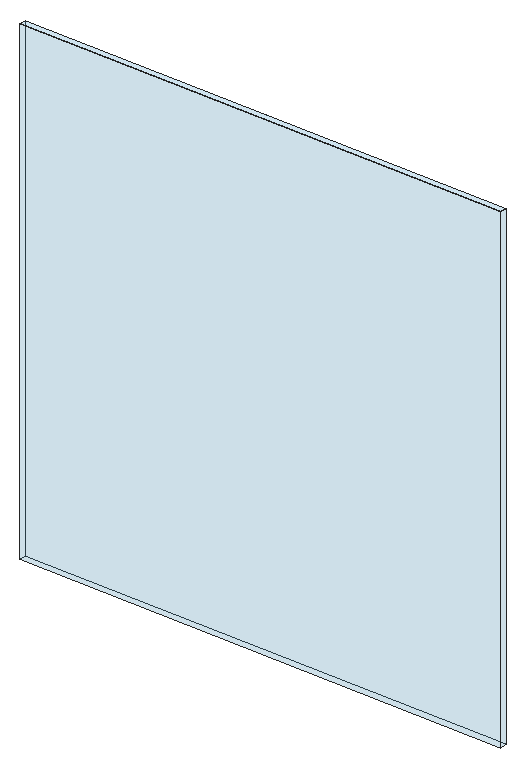
Revit family
Parameters (values of type "72" x 72"")
  Sealant = 0' - 0 3/8"
  Pocket Depth [instance] = 0' - 0 1/2"
  Head Height = Sill Height + Rough Height - Sealant  # 8' - 11 5/8"
  Depth [instance] = 0' - 7 1/2"
  Sill Height = 3' - 0"
  Rough Width = 6' - 0"
  Rough Height = 6' - 0"
  Model = "AG751"
  Material = ""
  Manufacturer = "Arcadia"
  Sightline = 0' - 3 1/8"
  Height = Rough Height - Sealant - Sealant  # 5' - 11 1/4"
  Wall Closure = (empty or 0)
  Width = Rough Width - Sealant - Sealant  # 5' - 11 1/4"
  Glass Thickness [instance] = 0' - 1"
  Offset to Inside Face of Glass [instance] = 0' - 3 1/4"
  Construction Type = "Aluminum"
  Center of Rough Opening [instance] = Rough Width / 2  # 3' - 0"
  Center of Glass [instance] = Glass Thickness / 2  # 0' - 0 1/2"
  Center Wall to Outside Face [instance] = 0' - 2 7/8"
  Assembly Code = ""
Reference planes (in)
  plane 1 "Center (Front/Back)": y = 0
  plane 2: z = 0
  plane 3 "Center (Left/Right)": x = 12
  plane 4 "Rough Opening Bottom": z = 36
  plane 5 "Rough Opening Top": z = 108
  plane 6 "Exterior Face": y = 5.5
  plane 7 "Frame Top": z = 104.875
  plane 8 "Frame Bottom": z = 39.125
  plane 9 "Rough Opening Left": x = -24
  plane 10 "Rough Opening Right": x = 48
  plane 11 "Frame Left": x = -20.875
  plane 12 "Frame Right": x = 44.875
  plane 13 "Exterior Glass Edge": y = 2.01769
  plane 14 "Interior Glass Edge": y = 1.01769
  plane 15 "Glass Centerline": y = 1.51769
  plane 16 "Frame Outside": y = 5.26769
  plane 17 "Frame Inside": y = -2.23231
  plane 18: z = 105.375
  plane 19: z = 38.625
  plane 20: x = 45.375
  plane 21: x = -21.375
  plane 22: x = 47.625
  plane 23: x = -23.625
  plane 24: z = 107.625
  plane 25: z = 36.375
Forms (in)
  Extrusion 1, solid, material "Anodize Arcadia AC2 Clear #11", detail levels coarse
    sketch origin (0, 0, 36) x (0, -1, 0) y (1, 0, 0)
      loop
        line (-5.26769, -24) -> (2.23231, -24) -> (2.23231, -20.875) -> (-1.01769, -20.875) -> (-1.01769, -21.375) -> (-2.01769, -21.375) -> (-2.01769, -20.875) -> (-5.26769, -20.875) -> (-5.26769, -24)
    from 0 to 72 <- "Rough Height"
  Extrusion 2, solid, material "Anodize Arcadia AC2 Clear #11", detail levels coarse
    sketch origin (0, 0, 36) x (0, -1, 0) y (1, 0, 0)
      loop
        line (-5.26769, 44.875) -> (-2.01769, 44.875) -> (-2.01769, 45.375) -> (-1.01769, 45.375) -> (-1.01769, 44.875) -> (2.23231, 44.875) -> (2.23231, 48) -> (-5.26769, 48) -> (-5.26769, 44.875)
    from 0 to 72 <- "Rough Height"
  Extrusion 3, solid, material "Glass"
    sketch origin (-0.5, 0, 36) x (0, -1, 0) y (1, 0, 0)
      loop
        line (-2.01769, -20.875) -> (-1.01769, -20.875) -> (-1.01769, 45.875) -> (-2.01769, 45.875) -> (-2.01769, -20.875)
    from 2.625 to 69.375
  Extrusion 4, solid, material "Anodize Arcadia AC2 Clear #11", detail levels coarse
    sketch origin (-24, 0, 0) x (0, 1, 0) y (0, 0, 1)
      loop
        line (-2.23231, 108) -> (-2.23231, 104.875) -> (1.01769, 104.875) -> (1.01769, 105.375) -> (2.01769, 105.375) -> (2.01769, 104.875) -> (5.26769, 104.875) -> (5.26769, 108) -> (-2.23231, 108)
    from 0 to 72 <- "Rough Width"
  Extrusion 5, solid, material "Anodize Arcadia AC2 Clear #11", detail levels coarse
    sketch origin (-24, 0, 0) x (0, 1, 0) y (0, 0, 1)
      loop
        line (5.26769, 39.125) -> (2.01769, 39.125) -> (2.01769, 38.625) -> (1.01769, 38.625) -> (1.01769, 39.125) -> (-2.23231, 39.125) -> (-2.23231, 36) -> (5.26769, 36) -> (5.26769, 39.125)
    from 0 to 72 <- "Rough Width"
  Extrusion 6, void
    sketch origin (0, 0, 36) x (0, -1, 0) y (1, 0, 0)
      loop
        line (-5.5, -24) -> (2.5, -24) -> (2.5, 48) -> (-5.5, 48) -> (-5.5, -24)
    from 0 to 72 <- "Rough Height"
Lines and regions (in)
  symbolic lines, detail levels coarse
    curve 1: line (-24, 5.26769, 0) -> (-20.875, 5.26769, 0)
    curve 2: line (-20.875, 5.26769, 0) -> (-20.875, 2.01769, 0)
    curve 3: line (45.375, 2.01769, 0) -> (-21.375, 2.01769, 0)
    curve 4: line (-21.375, 2.01769, 0) -> (-21.375, 1.01769, 0)
    curve 5: line (-21.375, 1.01769, 0) -> (45.375, 1.01769, 0)
    curve 6: line (-20.875, 1.01769, 0) -> (-20.875, -2.23231, 0)
    curve 7: line (-20.875, -2.23231, 0) -> (-24, -2.23231, 0)
    curve 8: line (-24, -2.23231, 0) -> (-24, 5.26769, 0)
    curve 9: line (48, 5.26769, 0) -> (44.875, 5.26769, 0)
    curve 10: line (44.875, 5.26769, 0) -> (44.875, 2.01769, 0)
    curve 11: line (45.375, 2.01769, 0) -> (45.375, 1.01769, 0)
    curve 12: line (44.875, 1.01769, 0) -> (44.875, -2.23231, 0)
    curve 13: line (44.875, -2.23231, 0) -> (48, -2.23231, 0)
    curve 14: line (48, -2.23231, 0) -> (48, 5.26769, 0)
Text (in)
  text "EXTERIOR" at (-58.6888, 50.90694, 0), in view "Ref. Level"
  text "INTERIOR" at (-58.6888, -37.76638, 0), in view "Ref. Level"
  text "Exterior" at (0, 43.65631, 123.19604), in view "Left"
  text "Exterior" at (0, 18.29385, 125.04747), in view "Right"
Dimensions and locks (in)
  "Rough Height": plane 4 "Rough Opening Bottom" to plane 5 "Rough Opening Top"
  "Sill Height": plane 2 to plane 4 "Rough Opening Bottom"
  "Sightline": plane 7 "Frame Top" to plane 5 "Rough Opening Top"
  "Sightline": plane 4 "Rough Opening Bottom" to plane 8 "Frame Bottom"
  "Rough Width": plane 9 "Rough Opening Left" to plane 10 "Rough Opening Right"
  "Sightline": plane 9 "Rough Opening Left" to plane 11 "Frame Left"
  "Sightline": plane 12 "Frame Right" to plane 10 "Rough Opening Right"
  "Depth": plane 17 "Frame Inside" to plane 16 "Frame Outside"
  "Glass Thickness": plane 13 "Exterior Glass Edge" to plane 14 "Interior Glass Edge"
  "Center of Glass": plane 15 "Glass Centerline" to plane 14 "Interior Glass Edge"
  "Center of Rough Opening": plane 9 "Rough Opening Left" to plane 3 "Center (Left/Right)"
  "Offset to Inside Face of Glass": plane 17 "Frame Inside" to plane 14 "Interior Glass Edge"
  "Pocket Depth": plane 12 "Frame Right" to plane 20
  "Pocket Depth": plane 21 to plane 11 "Frame Left"
  "Pocket Depth": plane 7 "Frame Top" to plane 18
  "Pocket Depth": plane 19 to plane 8 "Frame Bottom"
  "Sealant": plane 22 to plane 10 "Rough Opening Right"
  "Sealant": plane 9 "Rough Opening Left" to plane 23
  "Sealant": plane 24 to plane 5 "Rough Opening Top"
  "Sealant": plane 4 "Rough Opening Bottom" to plane 25
  aligned and locked: plane 6 "Exterior Face" to host wall
  aligned and locked: Extrusion 1 sketch curve to plane 17 "Frame Inside"
  aligned and locked: plane 16 "Frame Outside" to Extrusion 1 sketch curve
  aligned and locked: Extrusion 1 sketch curve to plane 11 "Frame Left"
  aligned and locked: plane 9 "Rough Opening Left" to Extrusion 1 sketch curve
  aligned and locked: plane 12 "Frame Right" to Extrusion 2 sketch curve
  aligned and locked: Extrusion 2 sketch curve to plane 10 "Rough Opening Right"
  aligned and locked: Extrusion 2 sketch curve to plane 17 "Frame Inside"
  aligned and locked: plane 16 "Frame Outside" to Extrusion 2 sketch curve
  aligned and locked: Extrusion 3 sketch curve to plane 13 "Exterior Glass Edge"
  aligned and locked: plane 14 "Interior Glass Edge" to Extrusion 3 sketch curve
  aligned and locked: plane 5 "Rough Opening Top" to Extrusion 4 sketch curve
  aligned and locked: Extrusion 4 sketch curve to plane 7 "Frame Top"
  aligned and locked: Extrusion 4 sketch curve to plane 17 "Frame Inside"
  aligned and locked: plane 16 "Frame Outside" to Extrusion 4 sketch curve
  aligned and locked: Extrusion 5 sketch curve to plane 4 "Rough Opening Bottom"
  aligned and locked: plane 8 "Frame Bottom" to Extrusion 5 sketch curve
  aligned and locked: Extrusion 5 sketch curve to plane 17 "Frame Inside"
  aligned and locked: plane 16 "Frame Outside" to Extrusion 5 sketch curve
  aligned and locked: plane 4 "Rough Opening Bottom" to nested 3
  aligned and locked: nested 2 to plane 5 "Rough Opening Top"
  aligned and locked: plane 19 to Extrusion 3
  aligned and locked: Extrusion 3 to plane 18
  aligned and locked: plane 17 "Frame Inside" to nested 3
  aligned and locked: plane 17 "Frame Inside" to nested 2
  aligned and locked: nested 1 to plane 16 "Frame Outside"
  aligned and locked: plane 10 "Rough Opening Right" to nested 1
  aligned and locked: nested 4 to plane 9 "Rough Opening Left"
  aligned and locked: plane 17 "Frame Inside" to nested 4
  aligned and locked: plane 13 "Exterior Glass Edge" to Extrusion 5 sketch curve
  aligned and locked: Extrusion 5 sketch curve to plane 14 "Interior Glass Edge"
  aligned and locked: plane 19 to Extrusion 5 sketch curve
  aligned and locked: Extrusion 4 sketch curve to plane 13 "Exterior Glass Edge"
  aligned and locked: plane 18 to Extrusion 4 sketch curve
  aligned and locked: plane 14 "Interior Glass Edge" to Extrusion 4 sketch curve
  aligned and locked: plane 14 "Interior Glass Edge" to Extrusion 2 sketch curve
  aligned and locked: Extrusion 2 sketch curve to plane 20
  aligned and locked: Extrusion 2 sketch curve to plane 13 "Exterior Glass Edge"
  aligned and locked: Extrusion 1 sketch curve to plane 14 "Interior Glass Edge"
  aligned and locked: Extrusion 1 sketch curve to plane 21
  aligned and locked: plane 13 "Exterior Glass Edge" to Extrusion 1 sketch curve
  aligned and locked: plane 16 "Frame Outside" to curve 1
  aligned and locked: plane 9 "Rough Opening Left" to curve 8
  aligned and locked: curve 2 to plane 11 "Frame Left"
  aligned and locked: curve 6 to plane 11 "Frame Left"
  aligned and locked: curve 4 to plane 21
  aligned and locked: curve 7 to plane 17 "Frame Inside"
  aligned and locked: curve 5 to plane 14 "Interior Glass Edge"
  aligned and locked: plane 13 "Exterior Glass Edge" to curve 3
  aligned and locked: curve 10 to plane 12 "Frame Right"
  aligned and locked: curve 12 to plane 12 "Frame Right"
  aligned and locked: curve 11 to plane 20
  aligned and locked: plane 10 "Rough Opening Right" to curve 14
  aligned and locked: curve 9 to plane 16 "Frame Outside"
  aligned and locked: plane 17 "Frame Inside" to curve 13
  aligned and locked: plane 13 "Exterior Glass Edge" to import instance
  aligned and locked: plane 9 "Rough Opening Left" to import instance
  aligned and locked: import instance to plane 13 "Exterior Glass Edge"
  aligned and locked: import instance to plane 10 "Rough Opening Right"
  aligned and locked: plane 16 "Frame Outside" to import instance  (x2)
  aligned and locked: import instance to plane 7 "Frame Top"
  aligned and locked: import instance to plane 4 "Rough Opening Bottom"
  aligned and locked: level to plane 2
  aligned and locked: plane 9 "Rough Opening Left" to Extrusion 6 sketch curve
  aligned and locked: plane 6 "Exterior Face" to Extrusion 6 sketch curve
  aligned and locked: host wall to Extrusion 6 sketch curve
  aligned and locked: plane 10 "Rough Opening Right" to Extrusion 6 sketch curve
Automatic sketch dimensions
  Extrusion 3 sketch curve to plane 21 = 0' - 0"
  Extrusion 3 sketch curve to plane 20 = 0' - 0"
  Extrusion 5 sketch curve to plane 8 "Frame Bottom" = 0' - 0"
  Extrusion 4 sketch curve to plane 7 "Frame Top" = 0' - 0"
  Extrusion 2 sketch curve to plane 12 "Frame Right" = 0' - 0"
  Extrusion 1 sketch curve to plane 11 "Frame Left" = 0' - 0"
Nested families (in)
  nested 1: "Window-Arcadia-AG751-Med-Jamb-R" at (46.9375, 1.51769, 0) x (-1, 0, 0) z (0, 0, 1), type "Window-Arcadia-AG751-Med-Jamb-R", detail levels medium
    with Sightline 0' - 3 1/8", Pocket Depth 0' - 0 1/2", Offset to Inside Face of Glass 0' - 3 1/4", Glass Width 0' - 1", Frame Wall Thickness 0' - 0 3/32", Depth 0' - 7 1/2", Center of Glass 0' - 0 1/2"
  nested 2: "Window-Arcadia-AG751-Med-Head" at (33.875, 1.51769, 108) x (0, -1, 0) z (1, 0, 0), type "Window-Arcadia-AG751-Med-Head", detail levels medium
    with Sightline 0' - 3 1/8", Pocket Depth 0' - 0 1/2", Offset to Inside Face of Glass 0' - 3 1/4", Glass Width 0' - 1", Frame Wall Thickness 0' - 0 3/32", Depth 0' - 7 1/2", Center of Glass 0' - 0 1/2"
  nested 3: "Window-Arcadia-AG751-Med-Sill" at (33.875, 1.51769, 36) x (0, -1, 0) z (1, 0, 0), type "Window-Arcadia-AG751-Med-Sill", detail levels medium
    with Sightline 0' - 3 1/4", Pocket Depth 0' - 0 1/2", Offset to Inside Face of Glass 0' - 3 1/4", Glass Width 0' - 1", Frame Wall Thickness 0' - 0 3/32", Depth 0' - 7 1/2", Center of Glass 0' - 0 1/2"
  nested 4: "Window-Arcadia-AG751-Med-Jamb-L" at (-22.9375, 1.51769, 0) x (-1, 0, 0) z (0, 0, 1), type "Window-Arcadia-AG751-Med-Jamb-L", detail levels medium
    with Sightline 0' - 3 1/8", Pocket Depth 0' - 0 1/2", Offset to Inside Face of Glass 0' - 3 1/4", Glass Width 0' - 1", Frame Wall Thickness 0' - 0 3/32", Depth 0' - 7 1/2", Center of Glass 0' - 0 1/2"
Definition of nested family "Window-Arcadia-AG751-Med-Jamb-R"
  Parameters (values of type "Window-Arcadia-TC670-Med-Jamb-R")
    Depth [instance] = 0' - 6"
    Pocket Depth [instance] = 0' - 0 3/4"
    Offset to Inside Face of Glass [instance] = 0' - 4"
    Glass Width [instance] = 0' - 1"
    Sightline [instance] = 0' - 2 5/8"
    Center of Glass [instance] = Glass Width / 2  # 0' - 0 1/2"
    Frame Wall Thickness [instance] = 0' - 0 3/32"
    Assembly Code = ""
  Reference planes (in)
    plane 1 "Center (Front/Back)": y = 0
    plane 2: z = 0
    plane 3: x = 1.5625
    plane 4 "back": x = -1.0625
    plane 5: y = 4.5
    plane 6: y = -1.5
    plane 7 "Inside Face of Glass": y = 0.5
    plane 8: y = -0.5
    plane 9: x = 0.8125
  Lines and regions (in)
    detail lines, in view "Ref. Level", detail levels medium
      curve 1: line (-1.0625, 4.5, 0) -> (-1.0625, -1.5, 0)
      curve 2: line (-1.0625, -1.5, 0) -> (1.5625, -1.5, 0)
      curve 3: line (1.5625, -1.5, 0) -> (1.5625, -0.5, 0)
      curve 4: line (1.5625, -0.5, 0) -> (0.8125, -0.5, 0)
      curve 5: line (0.8125, -0.5, 0) -> (0.8125, 0.5, 0)
      curve 6: line (0.8125, 0.5, 0) -> (1.5625, 0.5, 0)
      curve 7: line (1.5625, 0.5, 0) -> (1.5625, 4.5, 0)
      curve 8: line (1.5625, 4.5, 0) -> (-1.0625, 4.5, 0)
      curve 9: line (1.46875, 4.40625, 0) -> (-0.96875, 4.40625, 0)
      curve 10: line (-0.96875, 4.40625, 0) -> (-0.96875, -1.40625, 0)
      curve 11: line (-0.96875, -1.40625, 0) -> (1.46875, -1.40625, 0)
      curve 12: line (1.46875, -1.40625, 0) -> (1.46875, -0.59375, 0)
      curve 13: line (1.46875, -0.59375, 0) -> (0.71875, -0.59375, 0)
      curve 14: line (0.71875, -0.59375, 0) -> (0.71875, 0.59375, 0)
      curve 15: line (0.71875, 0.59375, 0) -> (1.46875, 0.59375, 0)
      curve 16: line (1.46875, 0.59375, 0) -> (1.46875, 4.40625, 0)
      curve 17: line (1.5625, 4.5, 0) -> (-1.0625, 4.5, 0)
      curve 18: line (-1.0625, 4.40625, 0) -> (-1.0625, -1.5, 0)
  Dimensions and locks (in)
    "Sightline": plane 4 "back" to plane 3
    "Depth": plane 5 to plane 6
    "Center of Glass": plane 1 "Center (Front/Back)" to plane 7 "Inside Face of Glass"
    "Glass Width": plane 8 to plane 7 "Inside Face of Glass"
    "Pocket Depth": plane 9 to plane 3
    "Offset to Inside Face of Glass": plane 5 to plane 7 "Inside Face of Glass"
    "Frame Wall Thickness": plane 5 to curve 9
    "Frame Wall Thickness": plane 4 "back" to curve 10
    "Frame Wall Thickness": curve 11 to plane 6
    "Frame Wall Thickness": curve 12 to plane 3
    "Frame Wall Thickness": curve 13 to plane 8
    "Frame Wall Thickness": plane 7 "Inside Face of Glass" to curve 15
    "Frame Wall Thickness": curve 14 to plane 9
    "Frame Wall Thickness": curve 16 to plane 3
    aligned and locked: plane 5 to curve 8
    aligned and locked: curve 1 to plane 4 "back"
    aligned and locked: curve 2 to plane 6
    aligned and locked: plane 3 to curve 3
    aligned and locked: curve 4 to plane 8
    aligned and locked: plane 9 to curve 5
    aligned and locked: plane 7 "Inside Face of Glass" to curve 6
    aligned and locked: plane 3 to curve 7
  Automatic sketch dimensions
    curve 18 to curve 9 = 0' - 0"
Definition of nested family "Window-Arcadia-AG751-Med-Head"
  Parameters (values of type "Window-Arcadia-A400-Med-Head")
    Depth [instance] = 0' - 6"
    Pocket Depth [instance] = 0' - 0 1/2"
    Offset to Inside Face of Glass [instance] = 0' - 4"
    Glass Width [instance] = 0' - 1"
    Sightline [instance] = 0' - 2 5/8"
    Center of Glass [instance] = Glass Width / 2  # 0' - 0 1/2"
    Frame Wall Thickness [instance] = 0' - 0 3/32"
    Assembly Code = ""
  Reference planes (in)
    plane 1 "Center (Front/Back)": y = 0
    plane 2: z = 0
    plane 3 "Center (Left/Right)": x = 0
    plane 4: x = -0.5
    plane 5 "Inside Face of Glass": x = 0.5
    plane 6: y = -2.625
    plane 7: x = 4.5
    plane 8: x = -1.5
    plane 9: y = -2.125
  Lines and regions (in)
    detail lines, in view "Ref. Level", detail levels medium
      curve 1: line (-1.5, 0, 0) -> (-1.5, -2.625, 0)
      curve 2: line (-1.5, -2.625, 0) -> (-0.5, -2.625, 0)
      curve 3: line (-0.5, -2.625, 0) -> (-0.5, -2.125, 0)
      curve 4: line (-0.5, -2.125, 0) -> (0.5, -2.125, 0)
      curve 5: line (0.5, -2.125, 0) -> (0.5, -2.625, 0)
      curve 6: line (0.5, -2.625, 0) -> (4.5, -2.625, 0)
      curve 7: line (4.5, -2.625, 0) -> (4.5, 0, 0)
      curve 8: line (4.5, 0, 0) -> (-1.5, 0, 0)
      curve 9: line (-1.40625, -0.09375, 0) -> (-1.40625, -2.53125, 0)
      curve 10: line (4.40625, -0.09375, 0) -> (-1.40625, -0.09375, 0)
      curve 11: line (4.40625, -2.53125, 0) -> (4.40625, -0.09375, 0)
      curve 12: line (0.59375, -2.53125, 0) -> (4.40625, -2.53125, 0)
      curve 13: line (-1.40625, -2.53125, 0) -> (-0.59375, -2.53125, 0)
      curve 14: line (-0.59375, -2.53125, 0) -> (-0.59375, -2.03125, 0)
      curve 15: line (-0.59375, -2.03125, 0) -> (0.59375, -2.03125, 0)
      curve 16: line (0.59375, -2.03125, 0) -> (0.59375, -2.53125, 0)
  Dimensions and locks (in)
    "Sightline": plane 6 to plane 1 "Center (Front/Back)"
    "Depth": plane 8 to plane 7
    "Pocket Depth": plane 6 to plane 9
    "Offset to Inside Face of Glass": plane 5 "Inside Face of Glass" to plane 7
    "Glass Width": plane 4 to plane 5 "Inside Face of Glass"
    "Center of Glass": plane 3 "Center (Left/Right)" to plane 5 "Inside Face of Glass"
    "Frame Wall Thickness": plane 8 to curve 9
    "Frame Wall Thickness": curve 10 to plane 1 "Center (Front/Back)"
    "Frame Wall Thickness": curve 11 to plane 7
    "Frame Wall Thickness": plane 6 to curve 12
    "Frame Wall Thickness": plane 6 to curve 13
    "Frame Wall Thickness": plane 9 to curve 15
    "Frame Wall Thickness": plane 5 "Inside Face of Glass" to curve 16
    "Frame Wall Thickness": curve 14 to plane 4
    aligned and locked: curve 8 to plane 1 "Center (Front/Back)"
    aligned and locked: plane 7 to curve 7
    aligned and locked: curve 1 to plane 8
    aligned and locked: plane 9 to curve 4
    aligned and locked: plane 4 to curve 3
    aligned and locked: plane 6 to curve 2
    aligned and locked: plane 6 to curve 6
  Automatic sketch dimensions
    curve 5 to plane 5 "Inside Face of Glass" = 0' - 0"
Definition of nested family "Window-Arcadia-AG751-Med-Sill"
  Parameters (values of type "Window-Arcadia-A400-Med-Sill")
    Depth [instance] = 0' - 6"
    Pocket Depth [instance] = 0' - 0 1/2"
    Offset to Inside Face of Glass [instance] = 0' - 4"
    Glass Width [instance] = 0' - 1"
    Sightline [instance] = 0' - 2 5/8"
    Center of Glass [instance] = Glass Width / 2  # 0' - 0 1/2"
    Frame Wall Thickness [instance] = 0' - 0 3/32"
    Assembly Code = ""
  Reference planes (in)
    plane 1 "Center (Front/Back)": y = 0
    plane 2: z = 0
    plane 3 "Center (Left/Right)": x = 0
    plane 4: x = -0.5
    plane 5 "Inside Face of Glass": x = 0.5
    plane 6: y = 2.625
    plane 7: x = 4.5
    plane 8: x = -1.5
    plane 9: y = 2.125
  Lines and regions (in)
    detail lines, in view "Ref. Level", detail levels medium
      curve 1: line (-1.5, 2.625, 0) -> (-1.5, 0, 0)
      curve 2: line (-1.5, 0, 0) -> (4.5, 0, 0)
      curve 3: line (4.5, 0, 0) -> (4.5, 2.625, 0)
      curve 4: line (4.5, 2.625, 0) -> (0.5, 2.625, 0)
      curve 5: line (0.5, 2.625, 0) -> (0.5, 2.125, 0)
      curve 6: line (0.5, 2.125, 0) -> (-0.5, 2.125, 0)
      curve 7: line (-0.5, 2.125, 0) -> (-0.5, 2.625, 0)
      curve 8: line (-0.5, 2.625, 0) -> (-1.5, 2.625, 0)
      curve 9: line (-0.59375, 2.53125, 0) -> (-1.40625, 2.53125, 0)
      curve 10: line (-1.40625, 2.53125, 0) -> (-1.40625, 0.09375, 0)
      curve 11: line (-1.40625, 0.09375, 0) -> (4.40625, 0.09375, 0)
      curve 12: line (4.40625, 0.09375, 0) -> (4.40625, 2.53125, 0)
      curve 13: line (4.40625, 2.53125, 0) -> (0.59375, 2.53125, 0)
      curve 14: line (0.59375, 2.53125, 0) -> (0.59375, 2.03125, 0)
      curve 15: line (0.59375, 2.03125, 0) -> (-0.59375, 2.03125, 0)
      curve 16: line (-0.59375, 2.03125, 0) -> (-0.59375, 2.53125, 0)
  Dimensions and locks (in)
    "Pocket Depth": plane 9 to plane 6
    "Sightline": plane 1 "Center (Front/Back)" to plane 6
    "Depth": plane 8 to plane 7
    "Offset to Inside Face of Glass": plane 5 "Inside Face of Glass" to plane 7
    "Glass Width": plane 4 to plane 5 "Inside Face of Glass"
    "Center of Glass": plane 3 "Center (Left/Right)" to plane 5 "Inside Face of Glass"
    "Frame Wall Thickness": curve 9 to plane 6
    "Frame Wall Thickness": plane 8 to curve 10
    "Frame Wall Thickness": plane 1 "Center (Front/Back)" to curve 11
    "Frame Wall Thickness": curve 12 to plane 7
    "Frame Wall Thickness": curve 13 to plane 6
    "Frame Wall Thickness": plane 5 "Inside Face of Glass" to curve 14
    "Frame Wall Thickness": curve 15 to plane 9
    "Frame Wall Thickness": curve 16 to plane 4
    aligned and locked: plane 1 "Center (Front/Back)" to curve 2
    aligned and locked: plane 7 to curve 3
    aligned and locked: curve 1 to plane 8
    aligned and locked: curve 8 to plane 6
    aligned and locked: curve 4 to plane 6
    aligned and locked: curve 6 to plane 9
    aligned and locked: curve 5 to plane 5 "Inside Face of Glass"
    aligned and locked: plane 4 to curve 7
  Automatic sketch dimensions
    curve 7 to plane 9 = 0' - 0"
Definition of nested family "Window-Arcadia-AG751-Med-Jamb-L"
  Parameters (values of type "Window-Arcadia-TC670-Med-Jamb-L")
    Depth [instance] = 0' - 6"
    Pocket Depth [instance] = 0' - 0 1/2"
    Offset to Inside Face of Glass [instance] = 0' - 4"
    Glass Width [instance] = 0' - 1"
    Sightline [instance] = 0' - 2 1/8"
    Center of Glass [instance] = Glass Width / 2  # 0' - 0 1/2"
    Frame Wall Thickness [instance] = 0' - 0 3/32"
    Assembly Code = ""
  Reference planes (in)
    plane 1 "Center (Front/Back)": y = 0
    plane 2: z = 0
    plane 3 "BACK": x = 1.0625
    plane 4 "FRONT": x = -1.0625
    plane 5: y = 1.5
    plane 6: y = -4.5
    plane 7 "Inside Face of Glass": y = 0.5
    plane 8: y = -0.5
    plane 9: x = -0.5625
  Lines and regions (in)
    detail lines, in view "Ref. Level", detail levels medium
      curve 1: line (1.0625, 1.5, 0) -> (1.0625, -4.5, 0)
      curve 2: line (1.0625, -4.5, 0) -> (-1.0625, -4.5, 0)
      curve 3: line (-1.0625, -4.5, 0) -> (-1.0625, -0.5, 0)
      curve 4: line (-1.0625, -0.5, 0) -> (-0.5625, -0.5, 0)
      curve 5: line (-0.5625, -0.5, 0) -> (-0.5625, 0.5, 0)
      curve 6: line (-0.5625, 0.5, 0) -> (-1.0625, 0.5, 0)
      curve 7: line (-1.0625, 0.5, 0) -> (-1.0625, 1.5, 0)
      curve 8: line (-1.0625, 1.5, 0) -> (1.0625, 1.5, 0)
      curve 9: line (-0.96875, 1.40625, 0) -> (0.96875, 1.40625, 0)
      curve 10: line (-0.96875, 0.59375, 0) -> (-0.96875, 1.40625, 0)
      curve 11: line (-0.46875, 0.59375, 0) -> (-0.96875, 0.59375, 0)
      curve 12: line (-0.46875, -0.59375, 0) -> (-0.46875, 0.59375, 0)
      curve 13: line (-0.96875, -0.59375, 0) -> (-0.46875, -0.59375, 0)
      curve 14: line (-0.96875, -4.40625, 0) -> (-0.96875, -0.59375, 0)
      curve 15: line (0.96875, -4.40625, 0) -> (-0.96875, -4.40625, 0)
      curve 16: line (0.96875, 1.40625, 0) -> (0.96875, -4.40625, 0)
  Dimensions and locks (in)
    "Depth": plane 5 to plane 6
    "Pocket Depth": plane 4 "FRONT" to plane 9
    "Sightline": plane 4 "FRONT" to plane 3 "BACK"
    "Glass Width": plane 8 to plane 7 "Inside Face of Glass"
    "Center of Glass": plane 1 "Center (Front/Back)" to plane 7 "Inside Face of Glass"
    "Frame Wall Thickness": plane 4 "FRONT" to curve 10
    "Frame Wall Thickness": plane 5 to curve 9
    "Frame Wall Thickness": curve 15 to plane 6
    "Frame Wall Thickness": curve 13 to plane 8
    "Frame Wall Thickness": plane 9 to curve 12
    "Frame Wall Thickness": plane 7 "Inside Face of Glass" to curve 11
    "Frame Wall Thickness": plane 4 "FRONT" to curve 14
    "Offset to Inside Face of Glass": plane 6 to plane 8
    aligned and locked: curve 8 to plane 5
    aligned and locked: curve 1 to plane 3 "BACK"
    aligned and locked: plane 6 to curve 2
    aligned and locked: curve 3 to plane 4 "FRONT"
    aligned and locked: plane 8 to curve 4
    aligned and locked: plane 9 to curve 5
    aligned and locked: curve 6 to plane 7 "Inside Face of Glass"
    aligned and locked: plane 4 "FRONT" to curve 7
  Automatic sketch dimensions
    curve 16 to plane 3 "BACK" = 0' - 0 3/32"
